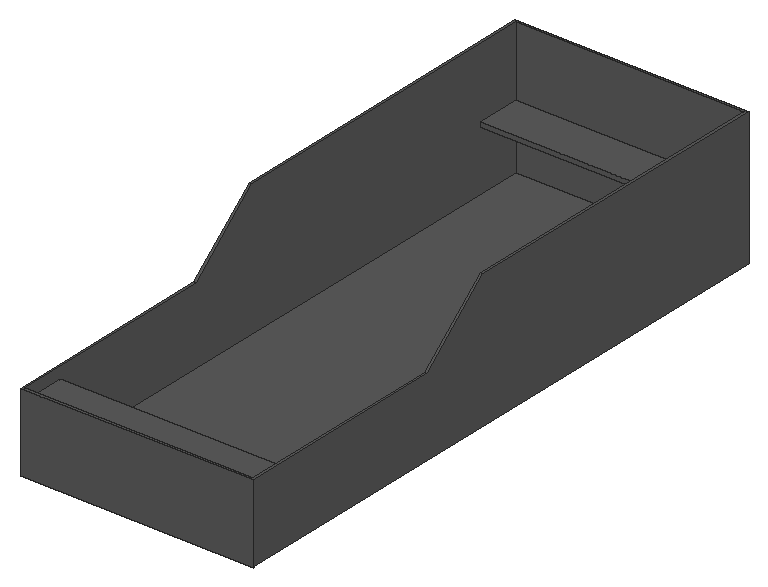
Revit family "BR-BA", category Устройства связи, Revit 2016
Family settings
  Сохранять ориентацию аннотаций = Нет
  Тип детали = Нормальный
  Размер круглого соединителя = Использовать диаметр
  На основе рабочей плоскости = Да
  Всегда вертикально = Нет
  При загрузке вырезать с полостями = Нет
  Общий = Да
  Точка расчета площади = Нет
Parameters (values of type "BR-BA")
  Цвет = "Черный"  # constant formula
  Размер = "276х104х61 мм"  # constant formula
  Default Elevation = 0 mm
  Описание = "Кронштейн с козырьком для накладного монтажа панелей BA-04 и BA-08."  # constant formula
  Материал корпуса = SHV_Краска Черная
  Изображение типоразмера = <Нет>
  Изготовитель = "BAS-IP"  # constant formula
  Группа модели = "Кронштейн"  # constant formula
  URL = "https://www.bas-ip.ru"
  Email = "support@bimlib.ru"  # constant formula
  BIM library = "https://bimlib.ru/manufacturer/"  # constant formula
  ADSK_Размер_Ширина = 276 mm  # constant formula
  ADSK_Размер_Толщина = 61 mm  # constant formula
  ADSK_Размер_Длина = 104 mm  # constant formula
  ADSK_Примечание = ""
  ADSK_Позиция = ""
  ADSK_Обозначение = ""
  ADSK_Наименование краткое = ADSK_Марка  # "BR-BA"
  ADSK_Наименование = "КРОНШТЕЙН BR-BA"
  ADSK_Масса_Текст = ""
  ADSK_Марка = "BR-BA"
  ADSK_Код изделия = ""
  ADSK_Зона = ""
  ADSK_Завод-изготовитель = Изготовитель  # "BAS-IP"
  ADSK_Единица измерения = "шт"  # constant formula
  ADSK_Версия Revit = "Revit 2016"  # constant formula
  ADSK_URL страницы изделия = "https://www.bas-ip.ru/catalog/accessories/bas-ip-br-ba/"
  ADSK_URL документации изделия = ""
Reference planes
  plane 1 "По центру (Вперед/Назад)": y = 0
  plane 2: z = 0
  plane 3 "По центру (Влево/Вправо)": x = 0
  plane 4: x = -52
  plane 5: y = 138
  plane 6: x = 52
  plane 7: y = -138
  plane 8: z = 1
  plane 9 "Плоскость для коннекторов": z = 0
  plane 10: y = 137
  plane 11: y = -137
  plane 12: y = 117
  plane 13: y = 137
  plane 14: y = -117
  plane 15: y = -137
  plane 16: z = 61
  plane 17: x = -51
  plane 18: x = 51
  plane 19: z = 30
  plane 20: z = 35
  plane 21: x = -51
  plane 22: x = 51
Forms (mm)
  Extrusion 1, solid, material "SHV_Краска Черная" <- "Материал корпуса", detail levels medium+fine
    sketch origin (0, 0, 0) x (1, 0, 0) y (0, 1, 0)
      loop
        line (-52, 138) -> (-52, -138) -> (52, -138) -> (52, 138) -> (-52, 138)
    from 0 to 1
  Extrusion 2, solid, material "SHV_Краска Черная" <- "Материал корпуса", detail levels medium+fine
    sketch origin (0, 0, 0) x (1, 0, 0) y (0, 1, 0)
      loop
        line (-52, 138) -> (-52, 137) -> (52, 137) -> (52, 138) -> (-52, 138)
    from 0 to 61
  Extrusion 3, solid, material "SHV_Краска Черная" <- "Материал корпуса", detail levels medium+fine
    sketch origin (0, 0, 0) x (1, 0, 0) y (0, 1, 0)
      loop
        line (-51, 117) -> (51, 117) -> (51, 137) -> (-51, 137) -> (-51, 117)
    from 28 to 30
  Extrusion 4, solid, material "SHV_Краска Черная" <- "Материал корпуса", detail levels medium+fine
    sketch origin (0, 0, 0) x (1, 0, 0) y (0, 1, 0)
      loop
        line (-51, -137) -> (51, -137) -> (51, -117) -> (-51, -117) -> (-51, -137)
    from 28 to 30
  Extrusion 5, solid, material "SHV_Краска Черная" <- "Материал корпуса", detail levels medium+fine
    sketch origin (0, 0, 0) x (1, 0, 0) y (0, 1, 0)
      loop
        line (-52, -137) -> (-52, -138) -> (52, -138) -> (52, -137) -> (-52, -137)
    from 0 to 35
  Extrusion 6, solid, material "SHV_Краска Черная" <- "Материал корпуса", detail levels medium+fine
    sketch origin (-52, 73.101, 1200) x (0, 1, 0) y (0, 0, 1)
      loop
        line (64.899, -1200) -> (64.899, -1139) -> (-83.101, -1139) -> (-114.086, -1165) -> (-211.101, -1165) -> (-211.101, -1200) -> (64.899, -1200)
    from 0 to 1
  Extrusion 7, solid, material "SHV_Краска Черная" <- "Материал корпуса", detail levels medium+fine
    sketch origin (51, 173.776, 1200) x (0, 1, 0) y (0, 0, 1)
      loop
        line (-35.776, -1139) -> (-183.776, -1139) -> (-214.761, -1165) -> (-311.776, -1165) -> (-311.776, -1200) -> (-35.776, -1200) -> (-35.776, -1139)
    from 0 to 1
Cuts and joins
  joined: Extrusion 1, Extrusion 2, Extrusion 3, Extrusion 4, Extrusion 5, Extrusion 6, Extrusion 7
Lines and regions (mm)
  model lines, detail levels coarse
    curve 1: line (-52, 138, 0) -> (52, 138, 0)
    curve 2: line (-52, -138, 0) -> (-52, 138, 0)
    curve 3: line (52, -138, 0) -> (-52, -138, 0)
    curve 4: line (52, 138, 0) -> (52, -138, 0)
Dimensions and locks
  equal spacing: plane 4, plane 3 "По центру (Влево/Вправо)", plane 6
  "ADSK_Размер_Длина": plane 4 to plane 6
  "ADSK_Размер_Ширина": plane 5 to plane 7
  equal spacing: plane 5, plane 1 "По центру (Вперед/Назад)", plane 7
  locked: plane 8 to plane 2 at 1
  locked: plane 5 to plane 10 at 1
  locked: plane 11 to plane 7 at 1
  locked: plane 13 to plane 12 at 20
  locked: plane 14 to plane 15 at 20
  equal spacing: plane 13, plane 1 "По центру (Вперед/Назад)", plane 15
  plane 13 to plane 15 = 274 mm
  "ADSK_Размер_Толщина": plane 16 to plane 9 "Плоскость для коннекторов"
  equal spacing: plane 17, plane 3 "По центру (Влево/Вправо)", plane 18
  plane 17 to plane 18 = 102 mm
  plane 19 to plane 9 "Плоскость для коннекторов" = 30 mm
  plane 20 to plane 9 "Плоскость для коннекторов" = 35 mm
  plane 1 "По центру (Вперед/Назад)" to Extrusion 6 sketch curve = 10 mm
  locked: plane 22 to plane 6 at 1
  locked: plane 4 to plane 21 at 1
  plane 1 "По центру (Вперед/Назад)" to Extrusion 7 sketch curve = 10 mm
  angle plane 1 "По центру (Вперед/Назад)" to Extrusion 6 sketch curve = 50.00°
  angle plane 1 "По центру (Вперед/Назад)" to Extrusion 7 sketch curve = 50.00°
  aligned and locked: level to plane 2
  aligned and locked: Extrusion 1 sketch curve to plane 4
  aligned and locked: Extrusion 1 sketch curve to plane 5
  aligned and locked: Extrusion 1 sketch curve to plane 6
  aligned and locked: Extrusion 1 sketch curve to plane 7
  aligned and locked: curve 1 to Extrusion 1
  aligned and locked: curve 2 to Extrusion 1
  aligned and locked: curve 3 to Extrusion 1
  aligned and locked: curve 4 to Extrusion 1
  aligned and locked: plane 8 to Extrusion 1
  aligned and locked: Extrusion 1 to plane 9 "Плоскость для коннекторов"
  aligned and locked: Extrusion 2 sketch curve to plane 5
  aligned and locked: Extrusion 2 sketch curve to plane 10
  aligned and locked: Extrusion 2 sketch curve to plane 4
  aligned and locked: Extrusion 2 sketch curve to plane 6
  aligned and locked: Extrusion 2 to plane 16
  aligned and locked: Extrusion 2 to level
  aligned and locked: Extrusion 3 sketch curve to plane 17
  aligned and locked: Extrusion 3 sketch curve to plane 12
  aligned and locked: Extrusion 3 sketch curve to plane 13
  aligned and locked: Extrusion 3 sketch curve to plane 18
  aligned and locked: plane 19 to Extrusion 3
  aligned and locked: Extrusion 4 sketch curve to plane 15
  aligned and locked: Extrusion 4 sketch curve to plane 14
  aligned and locked: Extrusion 4 sketch curve to plane 17
  aligned and locked: Extrusion 4 sketch curve to plane 18
  aligned and locked: Extrusion 4 to Extrusion 3
  aligned and locked: Extrusion 5 sketch curve to plane 11
  aligned and locked: Extrusion 5 sketch curve to plane 7
  aligned and locked: plane 6 to Extrusion 5 sketch curve
  aligned and locked: plane 4 to Extrusion 5 sketch curve
  aligned and locked: plane 20 to Extrusion 5
  aligned and locked: Extrusion 5 to level
  aligned and locked: plane 5 to Extrusion 6 sketch curve
  aligned and locked: plane 7 to Extrusion 6 sketch curve
  aligned and locked: plane 9 "Плоскость для коннекторов" to Extrusion 6 sketch curve
  aligned and locked: plane 16 to Extrusion 6 sketch curve
  aligned and locked: plane 20 to Extrusion 6 sketch curve
  aligned and locked: Extrusion 6 to plane 4
  aligned and locked: Extrusion 6 to plane 21
  aligned and locked: Extrusion 6 to Extrusion 1
  aligned and locked: Extrusion 7 sketch curve to plane 5
  aligned and locked: Extrusion 7 sketch curve to plane 16
  aligned and locked: Extrusion 7 sketch curve to plane 20
  aligned and locked: Extrusion 7 sketch curve to plane 7
  aligned and locked: Extrusion 7 sketch curve to plane 9 "Плоскость для коннекторов"
  aligned and locked: Extrusion 7 to plane 22
  aligned and locked: Extrusion 7 to plane 6
